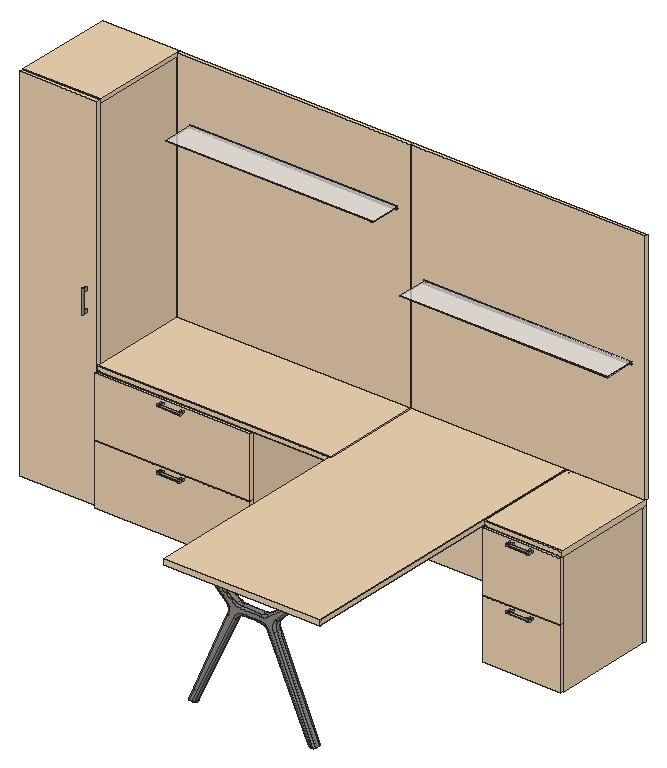
Revit family "JSI-Vision-Typical_Laminate-VST140", category Furniture, Revit 2020 (continued)
Definition of nested family "JSI-Vision-Wall_Panel_Markerboard_Laminate-Glass_Shelf"
  Forms (in)
    Extrusion 6, solid, material <- "Hardware Finish"
      sketch origin (36, 0, 0) x (0, 1, 0) y (0, 0, -1)
        loop
          line (-0.105, -32.5) -> (-0.105, -33.125) -> (-0.2, -33.125) -> (-0.2, -33.48413) -> (-0.16803, -33.48413) -> (-0.16803, -33.54438) -> (-0.2, -33.54438) -> (-0.2, -33.60913) -> (-0.16803, -33.60913) -> (-0.16803, -33.66938) -> (-0.2, -33.66938) -> (-0.2, -33.73413) -> (-0.16803, -33.73413) -> (-0.16803, -33.79438) -> (-0.2, -33.79438) -> (-0.2, -33.85913) -> (-0.16803, -33.85913) -> (-0.16803, -33.91938) -> (-0.2, -33.91938) -> (-0.2, -33.98413) -> (-0.16803, -33.98413) -> (-0.16803, -34.04438) -> (-0.2, -34.04438) -> (-0.2, -34.10913) -> (-0.16803, -34.10913) -> (-0.16803, -34.16938) -> (-0.2, -34.16938) -> (-0.2, -34.23413) -> (-0.16803, -34.23413) -> (-0.16803, -34.29438) -> (-0.2, -34.29438) -> (-0.2, -34.375) -> (-0.125, -34.375) -> (-0.125, -33.375) -> (0, -33.375) -> (0, -32.5) -> (-0.105, -32.5)
      from -22 to -17
    Extrusion 7, solid, material <- "Shelf Finish", visible <- "SH"
      sketch origin (0, 0, -12.34375) x (0, 1, 0) y (0, 0, 1)
        loop
          line (-0.18812, 62.97564) -> (-0.18812, 63.21186) -> (-7.89875, 63.21186) -> (-7.9375, 63.17249) -> (-7.9375, 63.01439) -> (-7.89875, 62.97564) -> (-0.18812, 62.97564)
      from 3.03125 to 56.96875
    Extrusion 8, solid, material <- "Hardware Finish", visible <- "SH"
      sketch origin (0, 0, -12.34375) x (0, 1, 0) y (0, 0, 1)
        loop
          line (-0.2, 64.43373) -> (-0.2, 63.96149) -> (-0.73233, 63.42916) -> (-0.99939, 63.42916) -> (-0.99939, 63.27665) -> (-0.12906, 63.27665) -> (-0.12906, 62.91085) -> (-0.99939, 62.91085) -> (-0.99939, 62.75834) -> (-0.73233, 62.75834) -> (-0.2, 62.22601) -> (-0.2, 61.75377) -> (-0.10488, 61.75377) -> (-0.10488, 62.29944) -> (-0.56378, 62.75834) -> (-0.03647, 62.75834) -> (-0.03647, 63.42916) -> (-0.56378, 63.42916) -> (-0.10488, 63.88806) -> (-0.10488, 64.43373) -> (-0.2, 64.43373)
      from 3.0625 to 56.9375
  Lines and regions (in)
    symbolic lines
      curve 1: line (0, -0.2, 0) -> (60, -0.2, 0)
      curve 2: line (0, -0.95, 0) -> (0, -0.2, 0)
      curve 3: line (60, -0.95, 0) -> (0, -0.95, 0)
      curve 4: line (60, -0.2, 0) -> (60, -0.95, 0)
      curve 8: line (1, -0.2, 0) -> (1, 0, 0)
      curve 9: line (1, 0, 0) -> (59, 0, 0)
      curve 10: line (59, 0, 0) -> (59, -0.2, 0)
    symbolic lines, visible <- "Shelf Line"
      curve 5: line (3.03125, -0.95, 0) -> (3.03125, -7.9375, 0)
      curve 6: line (3.03125, -7.9375, 0) -> (56.96875, -7.9375, 0)
      curve 7: line (56.96875, -7.9375, 0) -> (56.96875, -0.95, 0)
  Dimensions and locks (in)
    "Height": plane 5 to plane 8
    "Width": plane 3 "Center Left/Right" to plane 6
    "Depth": plane 1 "Center Front/Back" to plane 7
    plane 8 to plane 4 = 29 1/2"
    locked: plane 3 "Center Left/Right" to Extrusion 3 at 3.0625
    locked: Extrusion 3 to plane 6 at 3.0625
    locked: plane 3 "Center Left/Right" to Extrusion 2 at 3.03125
    locked: plane 6 to Extrusion 2 at 3.03125
    plane 1 "Center Front/Back" to Extrusion 4 sketch curve to Extrusion 4 sketch curve to Extrusion 4 sketch curve = 0.075" locked, 0.02" locked, 0.105" locked  (x2)
    Extrusion 5 to Extrusion 5 to Extrusion 4 to plane 3 "Center Left/Right" = 5" locked, 1" locked, 1" locked
    plane 6 to Extrusion 4 to Extrusion 6 to Extrusion 6 = 1" locked, 1" locked, 5" locked
    Extrusion 4 sketch curve to Extrusion 4 sketch curve to Extrusion 4 sketch curve to Extrusion 4 sketch curve to Extrusion 4 sketch curve to Extrusion 4 sketch curve to Extrusion 4 sketch curve to Extrusion 4 sketch curve to Extrusion 4 sketch curve to Extrusion 4 sketch curve to Extrusion 4 sketch curve to Extrusion 4 sketch curve to Extrusion 4 sketch curve to Extrusion 4 sketch curve to Extrusion 4 sketch curve to Extrusion 4 sketch curve to Extrusion 4 sketch curve to Extrusion 4 sketch curve to plane 8 = 5/8" locked, 1/4" locked, 0.10913" locked, 0.06025" locked, 0.06475" locked, 0.06025" locked, 0.06475" locked, 0.06025" locked, 0.06475" locked, 0.06025" locked, 0.06475" locked, 0.06025" locked, 0.06475" locked, 0.06025" locked, 0.06475" locked, 0.06025" locked, 0.08062" locked, 1 3/4" locked
    plane 5 to Extrusion 4 sketch curve to Extrusion 4 sketch curve to Extrusion 4 sketch curve to Extrusion 4 sketch curve to Extrusion 4 sketch curve to Extrusion 4 sketch curve to Extrusion 4 sketch curve to Extrusion 4 sketch curve to Extrusion 4 sketch curve to Extrusion 4 sketch curve to Extrusion 4 sketch curve to Extrusion 4 sketch curve to Extrusion 4 sketch curve to Extrusion 4 sketch curve to Extrusion 4 sketch curve to Extrusion 4 sketch curve to Extrusion 4 sketch curve to Extrusion 4 sketch curve = 4 1/8" locked, 5/8" locked, 1/4" locked, 0.10913" locked, 0.06025" locked, 0.06475" locked, 0.06025" locked, 0.06475" locked, 0.06025" locked, 0.06475" locked, 0.06025" locked, 0.06475" locked, 0.06025" locked, 0.06475" locked, 0.06025" locked, 0.06475" locked, 0.06025" locked, 0.08062" locked
    Extrusion 5 sketch curve to Extrusion 5 sketch curve to Extrusion 5 sketch curve to Extrusion 5 sketch curve = 0.075" locked, 0.02" locked, 0.105" locked  (x2)
    Extrusion 5 sketch curve to Extrusion 5 sketch curve to Extrusion 5 sketch curve to Extrusion 5 sketch curve to Extrusion 5 sketch curve to Extrusion 5 sketch curve to Extrusion 5 sketch curve to Extrusion 5 sketch curve to Extrusion 5 sketch curve to Extrusion 5 sketch curve to Extrusion 5 sketch curve to Extrusion 5 sketch curve to Extrusion 5 sketch curve to Extrusion 5 sketch curve to Extrusion 5 sketch curve to Extrusion 5 sketch curve to Extrusion 5 sketch curve to Extrusion 5 sketch curve to plane 5 = 5/8" locked, 1/4" locked, 0.10913" locked, 0.06025" locked, 0.06475" locked, 0.06025" locked, 0.06475" locked, 0.06025" locked, 0.06475" locked, 0.06025" locked, 0.06475" locked, 0.06025" locked, 0.06475" locked, 0.06025" locked, 0.06475" locked, 0.06025" locked, 0.08062" locked, 2 7/8" locked
    plane 8 to Extrusion 5 sketch curve to Extrusion 5 sketch curve to Extrusion 5 sketch curve to Extrusion 5 sketch curve to Extrusion 5 sketch curve to Extrusion 5 sketch curve to Extrusion 5 sketch curve to Extrusion 5 sketch curve to Extrusion 5 sketch curve to Extrusion 5 sketch curve to Extrusion 5 sketch curve to Extrusion 5 sketch curve to Extrusion 5 sketch curve to Extrusion 5 sketch curve to Extrusion 5 sketch curve to Extrusion 5 sketch curve to Extrusion 5 sketch curve to Extrusion 5 sketch curve = 3" locked, 5/8" locked, 1/4" locked, 0.10913" locked, 0.06025" locked, 0.06475" locked, 0.06025" locked, 0.06475" locked, 0.06025" locked, 0.06475" locked, 0.06025" locked, 0.06475" locked, 0.06025" locked, 0.06475" locked, 0.06025" locked, 0.06475" locked, 0.06025" locked, 0.08062" locked
    Extrusion 6 sketch curve to Extrusion 6 sketch curve to Extrusion 6 sketch curve to Extrusion 6 sketch curve = 0.075" locked, 0.02" locked, 0.105" locked  (x2)
    Extrusion 6 sketch curve to Extrusion 6 sketch curve to Extrusion 6 sketch curve to Extrusion 6 sketch curve to Extrusion 6 sketch curve to Extrusion 6 sketch curve to Extrusion 6 sketch curve to Extrusion 6 sketch curve to Extrusion 6 sketch curve to Extrusion 6 sketch curve to Extrusion 6 sketch curve to Extrusion 6 sketch curve to Extrusion 6 sketch curve to Extrusion 6 sketch curve to Extrusion 6 sketch curve to Extrusion 6 sketch curve to Extrusion 6 sketch curve to Extrusion 6 sketch curve = 0.08062" locked, 0.06025" locked, 0.06475" locked, 0.06025" locked, 0.06475" locked, 0.06025" locked, 0.06475" locked, 0.06025" locked, 0.06475" locked, 0.06025" locked, 0.06475" locked, 0.06025" locked, 0.06475" locked, 0.06025" locked, 0.10913" locked, 1/4" locked, 5/8" locked  (x2)
    "Overall Height": plane 5 to plane 4
    Extrusion 3 sketch curve to Extrusion 3 sketch curve to Extrusion 3 sketch curve to Extrusion 3 sketch curve to Extrusion 3 sketch curve to plane 9 to Extrusion 3 sketch curve to Extrusion 3 sketch curve to Extrusion 3 sketch curve to Extrusion 3 sketch curve to Extrusion 3 sketch curve = 0.47224", 0.07343", 0.4589", 0.15251", 0.1829", 0.1829", 0.15251", 0.4589", 0.07343", 0.47224"
    Extrusion 2 sketch curve to Extrusion 2 sketch curve to plane 9 to Extrusion 2 sketch curve to Extrusion 2 sketch curve = 0.03937" locked, 0.07874" locked, 0.07936" locked, 0.03875" locked
    "Dist Center": plane 10 to plane 8
    plane 5 to plane 9 = 14 5/32"
    locked: plane 3 "Center Left/Right" to Extrusion 8 at 3.0625
    locked: plane 6 to Extrusion 8 at 3.0625
    aligned and locked: level to plane 2
    aligned and locked: plane 3 "Center Left/Right" to Extrusion 1 sketch curve
    aligned and locked: plane 6 to Extrusion 1 sketch curve
    aligned and locked: Extrusion 1 to plane 6
    aligned and locked: Extrusion 1 to plane 3 "Center Left/Right"
    aligned and locked: Extrusion 1 to plane 8
    aligned and locked: Extrusion 3 sketch curve to Extrusion 3 sketch curve  (x2)
    aligned and locked: Extrusion 4 sketch curve to Extrusion 4 sketch curve  (x14)
    aligned and locked: Extrusion 5 sketch curve to Extrusion 5 sketch curve  (x14)
    aligned and locked: Extrusion 6 sketch curve to Extrusion 6 sketch curve  (x14)
    aligned and locked: curve 1 to Extrusion 1
    aligned and locked: curve 2 to Extrusion 1
    aligned and locked: curve 3 to Extrusion 1
    aligned and locked: curve 4 to Extrusion 1
    aligned and locked: Extrusion 8 sketch curve to Extrusion 8 sketch curve  (x2)
    aligned and locked: Extrusion 7 to Extrusion 2
  Automatic sketch dimensions
    plane 1 "Center Front/Back" to curve 8 = 0"
    curve 6 to plane 7 = 0"
    plane 3 "Center Left/Right" to curve 8 = 1"
    plane 3 "Center Left/Right" to curve 6 = 3 1/32"
    plane 6 to curve 6 = 3 1/32"
    plane 6 to curve 10 = 1"
    Extrusion 1 sketch curve to plane 8 = 0"
    Extrusion 1 sketch curve to plane 5 = 0"
    Extrusion 2 sketch curve to plane 7 = 0"
    plane 7 to Extrusion 2 sketch curve = 0.03875"  (x2)
    plane 1 "Center Front/Back" to Extrusion 2 sketch curve = 0.18812"
    plane 1 "Center Front/Back" to Extrusion 3 sketch curve = 0.99939"
    Extrusion 3 sketch curve to Extrusion 3 sketch curve = 0"
    Extrusion 3 sketch curve to Extrusion 3 sketch curve = 0.26706"  (x2)
    Extrusion 3 sketch curve to Extrusion 3 sketch curve = 0.16855"  (x2)
    plane 1 "Center Front/Back" to Extrusion 3 sketch curve = 0.2"  (x2)
    plane 1 "Center Front/Back" to Extrusion 3 sketch curve = 0.12906"
    Extrusion 3 sketch curve to Extrusion 3 sketch curve = 0.09512"  (x2)
    plane 1 "Center Front/Back" to Extrusion 3 sketch curve = 0.03647"
    Extrusion 4 sketch curve to plane 1 "Center Front/Back" = 0"  (x2)
    plane 1 "Center Front/Back" to Extrusion 4 sketch curve = 0.03197"  (x14)
    Extrusion 5 sketch curve to plane 1 "Center Front/Back" = 0"  (x2)
    Extrusion 5 sketch curve to Extrusion 5 sketch curve = 0.03197"  (x14)
    Extrusion 6 sketch curve to plane 1 "Center Front/Back" = 0"  (x2)
    Extrusion 6 sketch curve to Extrusion 6 sketch curve = 0.03197"  (x14)
    Extrusion 6 sketch curve to plane 5 = 2 7/8"
    plane 8 to Extrusion 6 sketch curve = 4 7/8"
    Extrusion 7 sketch curve to plane 7 = 0"
    plane 7 to Extrusion 7 sketch curve = 0.03875"  (x2)
    plane 1 "Center Front/Back" to Extrusion 7 sketch curve = 0.18812"
    Extrusion 7 sketch curve to plane 10 = 0.11811"
    Extrusion 7 sketch curve to Extrusion 7 sketch curve = 0.03875"
    plane 10 to Extrusion 7 sketch curve = 0.07874"
    plane 10 to Extrusion 7 sketch curve = 0.11811"
    plane 10 to Extrusion 8 sketch curve = 0.1829"
    plane 1 "Center Front/Back" to Extrusion 8 sketch curve = 0.99939"
    Extrusion 8 sketch curve to plane 10 = 0.1829"
    Extrusion 8 sketch curve to Extrusion 8 sketch curve = 0"
    Extrusion 8 sketch curve to Extrusion 8 sketch curve = 0.26706"  (x2)
    Extrusion 8 sketch curve to Extrusion 8 sketch curve = 0.16855"  (x2)
    plane 1 "Center Front/Back" to Extrusion 8 sketch curve = 0.2"  (x2)
    plane 1 "Center Front/Back" to Extrusion 8 sketch curve = 0.12906"
    Extrusion 8 sketch curve to Extrusion 8 sketch curve = 0.09512"  (x2)
    plane 1 "Center Front/Back" to Extrusion 8 sketch curve = 0.03647"
    Extrusion 8 sketch curve to Extrusion 8 sketch curve = 0.15251"  (x2)
    Extrusion 8 sketch curve to Extrusion 8 sketch curve = 0.4589"  (x2)
    Extrusion 8 sketch curve to Extrusion 8 sketch curve = 0.07343"  (x2)
    Extrusion 8 sketch curve to Extrusion 8 sketch curve = 0.47224"  (x2)
Definition of nested family "JSI-Vision-Wood_Truss_Base"
  Parameters (values of type "VSV3028PXB - Wood Truss Base 29 1/2"W x 1 3/4"D x 28 5/16"H")
    Width = 29 1/2"
    URL = "www.jsifurniture.com"
    Type Comments = ""
    Support Finish = none
    Series = "Vision Casegoods"  # constant formula
    Model = "VSV3028PXB"
    Material = ""
    Manufacturer = "JSI"  # constant formula
    Keynote = "12500"  # constant formula
    JSI Enviromental Website = "http://www.jsifurniture.com/jsi_sustainability_intro.php"
    Height = 28 5/16"
    Glide Finish = none
    Description = "Wood Truss Base Veneer - 29 1/2\"W x 1 3/4\"D x 28 5/16\"H"
    Depth = 1 3/4"
    Default Elevation = 0"
    Base Finish = none
    Assembly Code = "E2020200"
  Types (2): name | Model | Description
    VSV3028PXB - Wood Truss Base 29 1/2"W x 1 3/4"D x 28 5/16"H | "VSV3028PXB" | "Wood Truss Base Veneer - 29 1/2\"W x 1 3/4\"D x 28 5/16\"H"
    VST3028PXB - Wood Truss Base 29 1/2"W x 1 3/4"D x 28 5/16"H | "VST3028PXB" | "Wood Truss Base Laminate - 29 1/2\"W x 1 3/4\"D x 28 5/16\"H"
  Reference planes (in)
    plane 1 "Center Front/Back": y = 0
    plane 2: z = 0
    plane 3 "Center Left/Right": x = 0
    plane 4: z = 28.3125
    plane 5: y = 14.75
    plane 6: y = -14.75
    plane 7: x = 0.875
    plane 8: x = -0.875
    plane 9: x = -4.125
    plane 10: x = 1.875
    plane 11: z = 28.15375
    plane 12: z = 0.379
    plane 13: y = 13.64496
    plane 14: y = -13.64497
  Forms (in)
    Extrusion 1, solid, material <- "Support Finish"
      sketch origin (0, 0, 0) x (1, 0, 0) y (0, 1, 0)
        loop
          line (1.625, 11.49999) -> (-3.875, 11.49999)
          arc (-3.875, 11.49999) -> (-4.05178, 11.42677) -> (-4.125, 11.24999) r 0.25
          line (-4.125, 11.24999) -> (-4.125, 5.74999)
          arc (-4.125, 5.74999) -> (-4.05178, 5.57321) -> (-3.875, 5.49999) r 0.25
          line (-3.875, 5.49999) -> (1.625, 5.49999)
          arc (1.625, 5.49999) -> (1.80178, 5.57321) -> (1.875, 5.74999) r 0.25
          line (1.875, 5.74999) -> (1.875, 11.24999)
          arc (1.875, 11.24999) -> (1.80178, 11.42677) -> (1.625, 11.49999) r 0.25
        loop
          line (1.625, -5.50001) -> (-3.875, -5.50001)
          arc (-3.875, -5.50001) -> (-4.05178, -5.57323) -> (-4.125, -5.75001) r 0.25
          line (-4.125, -5.75001) -> (-4.125, -11.25001)
          arc (-4.125, -11.25001) -> (-4.05178, -11.42679) -> (-3.875, -11.50001) r 0.25
          line (-3.875, -11.50001) -> (1.625, -11.50001)
          arc (1.625, -11.50001) -> (1.80178, -11.42679) -> (1.875, -11.25001) r 0.25
          line (1.875, -11.25001) -> (1.875, -5.75001)
          arc (1.875, -5.75001) -> (1.80178, -5.57323) -> (1.625, -5.50001) r 0.25
      from 28.15375 to 28.3125
    Sweep 2, solid, material <- "Base Finish"
      path origin (0, 0, 0) x (0, 1, 0) y (0, 0, 1)
        loop
          line (10.74999, 28.15375) -> (5.99074, 23.5578)
          arc (5.99074, 23.5578) -> (5.41849, 22.5093) -> (5.54594, 21.32162) r 2
          line (5.54594, 21.32162) -> (14.65205, 0.379)
      profile origin (0, 8.37037, 25.85577) x (0, 0.694658, -0.71934) y (1, 0, 0)
        loop
          line (0, -0.5) -> (0, 0.5)
          arc (0, 0.5) -> (-0.10983, 0.76517) -> (-0.375, 0.875) r 0.375
          line (-0.375, 0.875) -> (-0.5, 0.875) -> (-0.5, -0.875) -> (-0.375, -0.875)
          arc (-0.375, -0.875) -> (-0.10983, -0.76517) -> (0, -0.5) r 0.375
    Sweep 3, solid, material <- "Base Finish"
      path origin (0, 0, 0) x (0, 1, 0) y (0, 0, 1)
        loop
          line (13.32169, 0) -> (3.64627, 20.74899)
          arc (3.64627, 20.74899) -> (2.90826, 21.59053) -> (1.83366, 21.90375) r 2
          line (1.83366, 21.90375) -> (-1.83368, 21.90375)
          arc (-1.83368, 21.90375) -> (-2.90828, 21.59053) -> (-3.64629, 20.74899) r 2
          line (-3.64629, 20.74899) -> (-13.3217, 0)
      profile origin (0, -0.00001, 21.90375) x (0, 0, -1) y (1, 0, 0)
        loop
          arc (0, 0.5) -> (-0.10983, 0.76517) -> (-0.375, 0.875) r 0.375
          line (-0.375, 0.875) -> (-0.5, 0.875) -> (-0.5, -0.87401) -> (-0.375, -0.87401)
          arc (-0.375, -0.87401) -> (-0.10983, -0.76418) -> (0, -0.49901) r 0.375
          line (0, -0.49901) -> (0, 0.5)
    Sweep 4, solid, material <- "Base Finish"
      path origin (0, 0, 0) x (0, 1, 0) y (0, 0, 1)
        loop
          line (8.49999, 28.15375) -> (8.49999, 27.99099)
          arc (8.49999, 27.99099) -> (8.41825, 27.65049) -> (8.19083, 27.38422) r 0.75
          line (8.19083, 27.38422) -> (3.582, 24.03572)
          arc (3.582, 24.03572) -> (3.02447, 23.75164) -> (2.40643, 23.65375) r 2
          line (2.40643, 23.65375) -> (-2.40645, 23.65375)
          arc (-2.40645, 23.65375) -> (-3.02448, 23.75164) -> (-3.58202, 24.03572) r 2
          line (-3.58202, 24.03572) -> (-8.19085, 27.38422)
          arc (-8.19085, 27.38422) -> (-8.41826, 27.65049) -> (-8.50001, 27.99099) r 0.75
          line (-8.50001, 27.99099) -> (-8.50001, 28.15375)
      profile origin (0, -0.00001, 23.65375) x (0, 0, -1) y (1, 0, 0)
        loop
          line (0, 0.5) -> (0, -0.5)
          arc (0, -0.5) -> (0.10983, -0.76517) -> (0.375, -0.875) r 0.375
          line (0.375, -0.875) -> (0.5, -0.875) -> (0.5, 0.875) -> (0.375, 0.875)
          arc (0.375, 0.875) -> (0.10983, 0.76517) -> (0, 0.5) r 0.375
    Extrusion 5, void
      sketch origin (0, 0, 0) x (0, 1, 0) y (0, 0, 1)
        loop
          line (11.75, 28.65375) -> (-11.75, 28.65375) -> (-11.75, 28.15375) -> (11.75, 28.15375) -> (11.75, 28.65375)
        loop
          line (14.75, 0) -> (14.75, 0.379) -> (-14.75, 0.379) -> (-14.75, 0) -> (14.75, 0)
      from -14.53185 to 21.875
    Sweep 6, solid, material <- "Base Finish"
      path origin (0, 0, 0) x (0, -1, 0) y (0, 0, -1)
        loop
          line (10.74999, -28.15375) -> (5.99074, -23.5578)
          arc (5.99074, -23.5578) -> (5.41849, -22.5093) -> (5.54594, -21.32162) r 2
          line (5.54594, -21.32162) -> (14.65205, -0.379)
      profile origin (0, -8.37037, 25.85577) x (0, 0.694658, 0.71934) y (1, 0, 0)
        loop
          arc (0, -0.5) -> (0.10983, -0.76517) -> (0.375, -0.875) r 0.375
          line (0.375, -0.875) -> (0.5, -0.875) -> (0.5, 0.875) -> (0.375, 0.875)
          arc (0.375, 0.875) -> (0.10983, 0.76517) -> (0, 0.5) r 0.375
          line (0, 0.5) -> (0, -0.5)
    Extrusion 7, solid, material <- "Base Finish"
      sketch origin (0, 0, 0) x (0, 1, 0) y (0, 0, 1)
        loop
          line (10.03021, 28.15375) -> (8.99999, 28.15375) -> (8.99999, 27.99099)
          arc (8.99999, 27.99099) -> (8.86375, 27.4235) -> (8.48472, 26.97972) r 1.25
          line (8.48472, 26.97972) -> (3.8759, 23.63121)
          arc (3.8759, 23.63121) -> (3.17898, 23.27611) -> (2.40643, 23.15375) r 2.5
          line (2.40643, 23.15375) -> (-2.40645, 23.15375)
          arc (-2.40645, 23.15375) -> (-3.17899, 23.27611) -> (-3.87591, 23.63121) r 2.5
          line (-3.87591, 23.63121) -> (-8.48474, 26.97972)
          arc (-8.48474, 26.97972) -> (-8.86377, 27.4235) -> (-9.00001, 27.99099) r 1.25
          line (-9.00001, 27.99099) -> (-9.00001, 28.15375) -> (-10.03021, 28.15375) -> (-5.64341, 23.91747)
          arc (-5.64341, 23.91747) -> (-4.9281, 22.60684) -> (-5.08741, 21.12225) r 2.5
          line (-5.08741, 21.12225) -> (-14.10683, 0.379) -> (-13.69666, 0.379) -> (-4.09945, 20.9603)
          arc (-4.09945, 20.9603) -> (-3.17693, 22.01223) -> (-1.83368, 22.40375) r 2.5
          line (-1.83368, 22.40375) -> (1.83366, 22.40375)
          arc (1.83366, 22.40375) -> (3.17691, 22.01223) -> (4.09943, 20.9603) r 2.5
          line (4.09943, 20.9603) -> (13.69664, 0.379) -> (14.10683, 0.379) -> (5.08741, 21.12225)
          arc (5.08741, 21.12225) -> (4.9281, 22.60684) -> (5.64341, 23.91747) r 2.5
          line (5.64341, 23.91747) -> (10.03021, 28.15375)
      from -0.875 to 0.875
    Revolve 8, solid, material <- "Glide Finish"
      sketch origin (0, 0, 0) x (0, 1, 0) y (0, 0, 1)
        loop
          line (13.64496, 0.379) -> (13.64496, 0) -> (14.14496, 0)
          arc (14.14496, 0) -> (14.25124, 0.10628) -> (14.14496, 0.21256) r 0.10628
          line (14.14496, 0.21256) -> (14.03641, 0.21256)
          arc (14.03641, 0.21256) -> (14.11962, 0.29578) -> (14.03641, 0.379) r 0.08322
          line (14.03641, 0.379) -> (13.64496, 0.379)
        axis (13.64496, 0.379) -> (13.64496, 0)
      angle from 0 to 360
    Revolve 9, solid, material <- "Glide Finish"
      sketch origin (0, 0, 0) x (0, 1, 0) y (0, 0, 1)
        loop
          line (-13.64497, 0.379) -> (-13.64497, 0) -> (-13.14497, 0)
          arc (-13.14497, 0) -> (-13.03869, 0.10628) -> (-13.14497, 0.21256) r 0.10628
          line (-13.14497, 0.21256) -> (-13.25352, 0.21256)
          arc (-13.25352, 0.21256) -> (-13.1703, 0.29578) -> (-13.25352, 0.379) r 0.08322
          line (-13.25352, 0.379) -> (-13.64497, 0.379)
        axis (-13.64497, 0.379) -> (-13.64497, 0)
      angle from 0 to 360
  Cuts and joins
    Extrusion 5 cuts Sweep 2
    Extrusion 5 cuts Sweep 3
    Extrusion 5 cuts Sweep 6
    joined: Sweep 2, Sweep 3, Sweep 4, Sweep 6, Extrusion 7
  Lines and regions (in)
    symbolic lines
      curve 1: line (1.625, 11.49999, 0) -> (-3.875, 11.49999, 0)
      curve 2: arc (-3.875, 11.49999, 0) -> (-4.05178, 11.42677, 0) -> (-4.125, 11.24999, 0) r 0.25
      curve 3: line (-4.125, 11.24999, 0) -> (-4.125, 5.74999, 0)
      curve 4: arc (-4.125, 5.74999, 0) -> (-4.05178, 5.57321, 0) -> (-3.875, 5.49999, 0) r 0.25
      curve 5: line (-3.875, 5.49999, 0) -> (1.625, 5.49999, 0)
      curve 6: arc (1.625, 5.49999, 0) -> (1.80178, 5.57321, 0) -> (1.875, 5.74999, 0) r 0.25
      curve 7: line (1.875, 5.74999, 0) -> (1.875, 11.24999, 0)
      curve 8: arc (1.875, 11.24999, 0) -> (1.80178, 11.42677, 0) -> (1.625, 11.49999, 0) r 0.25
      curve 9: line (1.625, -5.50001, 0) -> (-3.875, -5.50001, 0)
      curve 10: arc (-3.875, -5.50001, 0) -> (-4.05178, -5.57323, 0) -> (-4.125, -5.75001, 0) r 0.25
      curve 11: line (-4.125, -5.75001, 0) -> (-4.125, -11.25001, 0)
      curve 12: arc (-4.125, -11.25001, 0) -> (-4.05178, -11.42679, 0) -> (-3.875, -11.50001, 0) r 0.25
      curve 13: line (-3.875, -11.50001, 0) -> (1.625, -11.50001, 0)
      curve 14: arc (1.625, -11.50001, 0) -> (1.80178, -11.42679, 0) -> (1.875, -11.25001, 0) r 0.25
      curve 15: line (1.875, -11.25001, 0) -> (1.875, -5.75001, 0)
      curve 16: arc (1.875, -5.75001, 0) -> (1.80178, -5.57323, 0) -> (1.625, -5.50001, 0) r 0.25
      curve 17: line (0.52301, 14.65205, 0) -> (-0.52301, 14.65205, 0)
      curve 18: arc (-0.87318, 14.24322, 0) -> (-0.77902, 14.51695, 0) -> (-0.52301, 14.65205, 0) r 0.39323
      curve 19: arc (0.52301, 14.65205, 0) -> (0.77902, 14.51695, 0) -> (0.87318, 14.24322, 0) r 0.39323
      curve 20: line (0.87318, 14.24322, 0) -> (0.87318, 11.49999, 0)
      curve 21: line (-0.87318, 14.24322, 0) -> (-0.87318, 11.49999, 0)
      curve 22: line (-0.875, -11.50001, 0) -> (-0.875, -14.24313, 0)
      curve 23: arc (-0.52301, -14.65205, 0) -> (-0.77902, -14.51695, 0) -> (-0.87318, -14.24322, 0) r 0.39323
      curve 24: arc (0.87318, -14.24313, 0) -> (0.77904, -14.51691, 0) -> (0.52301, -14.65205, 0) r 0.39323
      curve 25: line (0.52301, -14.65205, 0) -> (-0.52301, -14.65205, 0)
      curve 26: line (-0.875, -5.50001, 0) -> (-0.875, 5.49999, 0)
      curve 27: line (0.875, 5.49999, 0) -> (0.875, -5.50001, 0)
  Dimensions and locks (in)
    "Height": plane 2 to plane 4
    equal spacing: plane 5, plane 1 "Center Front/Back", plane 6
    "Width": plane 5 to plane 6
    equal spacing: plane 8, plane 3 "Center Left/Right", plane 7
    "Depth": plane 8 to plane 7
    locked: plane 9 to plane 10 at 6
    Extrusion 1 sketch curve to Extrusion 1 sketch curve to plane 1 "Center Front/Back" to Extrusion 1 sketch curve to Extrusion 1 sketch curve = 6" locked, 5 1/2" locked, 5 1/2" locked, 6" locked
    locked: plane 11 to plane 4 at 0.15875
    locked: plane 2 to plane 12 at 0.379
    equal spacing: Extrusion 5 sketch curve, plane 1 "Center Front/Back", Extrusion 5 sketch curve, locked at 11.75 each
    locked: plane 11 to Extrusion 5 sketch curve at 0.5
    locked: profile plane to Sweep 4 sketch curve at 0.5
    locked: plane 14 to plane 6 at 1.10503
    locked: plane 5 to plane 13 at 1.10504
    aligned and locked: level to plane 2
    aligned and locked: plane 9 to Extrusion 1 sketch curve  (x2)
    aligned and locked: Extrusion 1 sketch curve to plane 10  (x2)
    aligned and locked: Extrusion 1 to plane 4
    aligned and locked: plane 11 to Extrusion 1
    aligned and locked: plane 11 to Sweep 4 sketch curve  (x2)
    aligned and locked: plane 2 to Sweep 3 sketch curve  (x2)
    aligned and locked: Extrusion 5 sketch curve to plane 12
    aligned and locked: Extrusion 5 sketch curve to plane 2
    aligned and locked: plane 5 to Extrusion 5 sketch curve
    aligned and locked: Extrusion 5 sketch curve to plane 6
    aligned and locked: Extrusion 5 sketch curve to plane 11
    aligned and locked: plane 8 to Sweep 4 sketch curve
    aligned and locked: Sweep 4 sketch curve to plane 7
    aligned and locked: Sweep 2 sketch curve to plane 8
    aligned and locked: Extrusion 7 sketch curve to cut or joined group of Sweep 2, Sweep 3, Sweep 4, Extrusion 5, Sweep 6, Extrusion 7  (x3)
    aligned and locked: Extrusion 7 sketch curve to Sweep 4  (x5)
    aligned and locked: cut or joined group of Sweep 2, Sweep 3, Sweep 4, Extrusion 5, Sweep 6, Extrusion 7 to Extrusion 7 sketch curve
    aligned and locked: Sweep 4 to Extrusion 7 sketch curve
    aligned and locked: Extrusion 7 to plane 8
    aligned and locked: Extrusion 7 to plane 7
    aligned and locked: plane 13 to Revolve 8 sketch curve
    aligned and locked: Revolve 8 sketch curve to plane 13
    aligned and locked: plane 12 to Revolve 8 sketch curve
    aligned and locked: plane 2 to Revolve 8 sketch curve
    aligned and locked: plane 14 to Revolve 9 sketch curve
    aligned and locked: curve 2 to Extrusion 1
    aligned and locked: curve 4 to Extrusion 1
    aligned and locked: curve 6 to Extrusion 1
    aligned and locked: curve 8 to Extrusion 1
    aligned and locked: curve 10 to Extrusion 1
    aligned and locked: curve 12 to Extrusion 1
    aligned and locked: curve 14 to Extrusion 1
    aligned and locked: curve 16 to Extrusion 1
    aligned and locked: curve 17 to cut or joined group of Sweep 2, Sweep 3, Sweep 4, Extrusion 5, Sweep 6, Extrusion 7
    aligned and locked: curve 18 to cut or joined group of Sweep 2, Sweep 3, Sweep 4, Extrusion 5, Sweep 6, Extrusion 7
    aligned and locked: curve 19 to cut or joined group of Sweep 2, Sweep 3, Sweep 4, Extrusion 5, Sweep 6, Extrusion 7
    aligned and locked: curve 20 to cut or joined group of Sweep 2, Sweep 3, Sweep 4, Extrusion 5, Sweep 6, Extrusion 7
    aligned and locked: curve 21 to cut or joined group of Sweep 2, Sweep 3, Sweep 4, Extrusion 5, Sweep 6, Extrusion 7
    aligned and locked: curve 23 to cut or joined group of Sweep 2, Sweep 3, Sweep 4, Extrusion 5, Sweep 6, Extrusion 7
    aligned and locked: curve 24 to cut or joined group of Sweep 2, Sweep 3, Sweep 4, Extrusion 5, Sweep 6, Extrusion 7
    aligned and locked: curve 25 to cut or joined group of Sweep 2, Sweep 3, Sweep 4, Extrusion 5, Sweep 6, Extrusion 7
    aligned and locked: plane 8 to curve 26
    aligned and locked: plane 7 to curve 27
  Automatic sketch dimensions
    Extrusion 1 sketch curve to plane 9 = 1/4"
    Extrusion 1 sketch curve to Extrusion 1 sketch curve = 1/4"  (x4)
    plane 10 to Extrusion 1 sketch curve = 1/4"  (x3)
    plane 11 to Sweep 2 sketch curve = 0"
    plane 12 to Sweep 2 sketch curve = 0"
    Sweep 2 sketch curve to plane 1 "Center Front/Back" = 5.54594"
    plane 11 to Sweep 2 sketch curve = 4.59595"
    Sweep 2 sketch curve to Sweep 2 sketch curve = 0.4448"
    Sweep 2 sketch curve to Sweep 2 sketch curve = 1.83412"
    Sweep 2 sketch curve to Sweep 2 sketch curve = 2.23618"
    Sweep 2 sketch curve to plane 5 = 4"
    Sweep 2 sketch curve to plane 5 = 0.09795"
    Sweep 2 sketch curve to profile plane = 0"
    profile plane to Sweep 2 sketch curve = 3/8"  (x2)
    Sweep 2 sketch curve to Sweep 2 sketch curve = 1/8"
    profile plane to Sweep 2 sketch curve = 1/2"
    plane 1 "Center Front/Back" to Sweep 3 sketch curve = 3.64629"
    plane 1 "Center Front/Back" to Sweep 3 sketch curve = 1.83368"
    Sweep 3 sketch curve to plane 1 "Center Front/Back" = 1.83366"
    Sweep 3 sketch curve to Sweep 3 sketch curve = 1.81262"
    plane 11 to Sweep 3 sketch curve = 8 1/4"
    Sweep 3 sketch curve to Sweep 3 sketch curve = 0"
    Sweep 3 sketch curve to Sweep 3 sketch curve = 0.84524"
    plane 6 to Sweep 3 sketch curve = 1.4283"
    Sweep 3 sketch curve to plane 5 = 1.42831"
    Sweep 3 sketch curve to profile plane = 0"
    profile plane to Sweep 3 sketch curve = 3/8"  (x2)
    Sweep 3 sketch curve to Sweep 3 sketch curve = 1/8"
    Sweep 3 sketch curve to profile plane = 0.87401"
    profile plane to Sweep 3 sketch curve = 1/2"
    plane 11 to Sweep 4 sketch curve = 0.16276"  (x2)
    plane 6 to Sweep 4 sketch curve = 6 1/4"
    plane 11 to Sweep 4 sketch curve = 197/256"  (x2)
    Sweep 4 sketch curve to Sweep 4 sketch curve = 0.30916"
    plane 1 "Center Front/Back" to Sweep 4 sketch curve = 3 149/256"
    Sweep 4 sketch curve to Sweep 4 sketch curve = 1.17557"  (x2)
    Sweep 4 sketch curve to plane 1 "Center Front/Back" = 2.40643"
    Sweep 4 sketch curve to Sweep 4 sketch curve = 4 43/256"
    Sweep 4 sketch curve to Sweep 4 sketch curve = 0.44084"
    Sweep 4 sketch curve to Sweep 4 sketch curve = 0.38197"  (x2)
    Sweep 4 sketch curve to profile plane = 0"
    Sweep 4 sketch curve to Sweep 4 sketch curve = 1/8"
    Sweep 4 sketch curve to Sweep 4 sketch curve = 3/8"
    plane 6 to Extrusion 5 sketch curve = 3"
    plane 11 to Sweep 6 sketch curve = 0"
    plane 12 to Sweep 6 sketch curve = 0"
    plane 1 "Center Front/Back" to Sweep 6 sketch curve = 5.54594"
    plane 11 to Sweep 6 sketch curve = 4.59595"
    Sweep 6 sketch curve to Sweep 6 sketch curve = 0.4448"
    Sweep 6 sketch curve to Sweep 6 sketch curve = 1.83412"
    Sweep 6 sketch curve to Sweep 6 sketch curve = 1.43868"
    plane 6 to Sweep 6 sketch curve = 4"
    plane 6 to Sweep 6 sketch curve = 0.09795"
    Sweep 6 sketch curve to profile plane = 0"
    Sweep 6 sketch curve to Sweep 6 sketch curve = 3/8"
    Sweep 6 sketch curve to profile plane = 3/8"
    Sweep 6 sketch curve to Sweep 6 sketch curve = 1/8"
    Sweep 6 sketch curve to profile plane = 7/8"
    profile plane to Sweep 6 sketch curve = 1/2"
    Extrusion 7 sketch curve to Extrusion 7 sketch curve = 105/256"
    plane 11 to Extrusion 7 sketch curve = 1.17403"  (x2)
    plane 11 to Extrusion 7 sketch curve = 4.23628"  (x2)
    Extrusion 7 sketch curve to Extrusion 7 sketch curve = 2.29265"
    Extrusion 7 sketch curve to Extrusion 7 sketch curve = 0.98796"
    Extrusion 7 sketch curve to Extrusion 7 sketch curve = 1.46946"  (x2)
    Extrusion 7 sketch curve to Extrusion 7 sketch curve = 2.26577"
    Extrusion 7 sketch curve to Extrusion 7 sketch curve = 0.98798"
    Extrusion 7 sketch curve to Extrusion 7 sketch curve = 0.41018"
    Extrusion 7 sketch curve to Extrusion 7 sketch curve = 1.0302"
    plane 12 to Extrusion 7 sketch curve = 0"
    plane 1 "Center Front/Back" to Extrusion 7 sketch curve = 1.83368"
    Extrusion 7 sketch curve to plane 1 "Center Front/Back" = 1.83366"
    Extrusion 7 sketch curve to plane 5 = 1.05336"
    Extrusion 7 sketch curve to Extrusion 7 sketch curve = 3 1/4"  (x2)
    Extrusion 7 sketch curve to Extrusion 7 sketch curve = 0.16195"
    plane 6 to Extrusion 7 sketch curve = 1.05334"
    Extrusion 7 sketch curve to Extrusion 7 sketch curve = 3.50415"
    Extrusion 7 sketch curve to Extrusion 7 sketch curve = 1.7675"
    Extrusion 7 sketch curve to Extrusion 7 sketch curve = 1.05655"
    Revolve 8 sketch curve to Revolve 8 sketch curve = 0.39145"
    Revolve 8 sketch curve to Revolve 8 sketch curve = 0.10855"
    Revolve 8 sketch curve to Revolve 8 sketch curve = 0.10628"
    Revolve 8 sketch curve to level = 0.18322"
    Revolve 8 sketch curve to plane 12 = 0.06296"
    plane 12 to Revolve 9 sketch curve = 0"
    Revolve 9 sketch curve to plane 14 = 0"
    Revolve 9 sketch curve to level = 0"
    Revolve 9 sketch curve to Revolve 9 sketch curve = 0.39145"
    Revolve 9 sketch curve to Revolve 9 sketch curve = 0.10855"
    Revolve 9 sketch curve to Revolve 9 sketch curve = 0.10628"
    Revolve 9 sketch curve to level = 0.15557"
    Revolve 9 sketch curve to Revolve 9 sketch curve = 0.0413"
    plane 11 to Sweep 4 sketch curve = 2 1/2"
    curve 22 to plane 8 = 0"
    plane 8 to curve 23 = 0.00182"
    plane 7 to curve 24 = 0.00182"
    curve 23 to curve 22 = 0.00008"
Definition of nested family "JSI-Vision-Modular_File_File_Pedestal"
  Parameters (values of type "Modular FF Ped - Type Catalog Family")
    URL = "www.jsifurniture.com"
    Tag = "FF"
    Series = "Vision Casegoods"  # constant formula
    Pull Finish = none
    Ped Width = 18"
    Ped Height = 28"
    Model = "Type Catalog"
    Manufacturer = "JSI"  # constant formula
    Keynote = "12500"  # constant formula
    JSI Enviromental website = "http://www.jsifurniture.com/jsi_sustainability_intro.php"
    Description = "Type Catalog"
    Default Elevation = 0"
    Chassis = none
    Ped Depth = 20"
    Grommet Finish = none
    Drawer Front = none
    Assembly Code = "E2020200"
  Reference planes (in)
    plane 1 "Center Front/Back": y = 0
    plane 2: z = 0
    plane 3 "Center Left/Right": x = 0
    plane 4: x = 0.125
    plane 5: x = 18.125
    plane 6: x = 18.25
    plane 7: y = -18.9795
    plane 8: y = -0.1875
    plane 9: y = -19.1095
    plane 10: x = 0.18716
    plane 11: x = 18.06243
    plane 12: y = -19.8595
    plane 13: z = 0.14065
    plane 14: z = 13.95315
    plane 15: z = 14.07815
    plane 16: z = 27.89093
    plane 17: z = 28
    plane 18: x = 0.875
    plane 19: x = 17.376
    plane 20: y = -0.9375
    plane 21: y = -18.23863
    plane 22: z = 13.20333
    plane 23: z = 27.14093
    plane 24: x = 9.125
    plane 25: y = -20
    plane 26: y = -9.80266
    plane 27: y = -14.80266
    plane 28: z = 27.1875
  Forms (in)
    Extrusion 1, solid, material <- "Chassis"
      sketch origin (0.125, -0.1875, 48) x (0, 1, 0) y (0, 0, 1)
        loop
          line (0, -20) -> (-18.792, -20) -> (-18.792, -48) -> (0, -48) -> (0, -20)
      from 0 to 0.75
    Extrusion 2, solid, material <- "Chassis"
      sketch origin (18.125, -0.1875, 48) x (0, 1, 0) y (0, 0, 1)
        loop
          line (0, -20) -> (-18.792, -20) -> (-18.792, -48) -> (0, -48) -> (0, -20)
      from -0.749 to 0
    Extrusion 3, solid, material <- "Drawer Front"
      sketch origin (0, 0, 0) x (1, 0, 0) y (0, 0, 1)
        loop
          line (0.18716, 27.89093) -> (0.18716, 14.07815) -> (18.06243, 14.07815) -> (18.06243, 27.89093) -> (0.18716, 27.89093)
        loop
          line (0.18716, 13.95315) -> (0.18716, 0.14065) -> (18.06243, 0.14065) -> (18.06243, 13.95315) -> (0.18716, 13.95315)
      from 19.1095 to 19.8595
    Extrusion 4, solid, material <- "Chassis"
      sketch origin (0, 0, 0) x (1, 0, 0) y (0, 1, 0)
        loop
          line (0.875, -18.23863) -> (0.875, -18.9795) -> (17.376, -18.9795) -> (17.376, -18.23863) -> (0.875, -18.23863)
      from 0 to 1.9375
    Extrusion 5, solid, material <- "Chassis"
      sketch origin (0, 0, 0) x (0, 1, 0) y (0, 0, 1)
        loop
          line (-9.80266, 27.1875) -> (-9.80266, 27.89093) -> (-14.80266, 27.89093) -> (-14.80266, 27.1875) -> (-9.80266, 27.1875)
      from 0.875 to 17.376
    Extrusion 6, solid, material <- "Chassis"
      sketch origin (0, 0, 0) x (0, 1, 0) y (0, 0, 1)
        loop
          line (-0.9375, 23) -> (-0.1875, 23) -> (-0.1875, 28) -> (-0.9375, 28) -> (-0.9375, 23)
        loop
          line (-0.1875, 5) -> (-0.9375, 5) -> (-0.9375, 0) -> (-0.1875, 0) -> (-0.1875, 5)
      from 0.875 to 17.376
  Lines and regions (in)
    symbolic lines
      curve 1: line (0.125, -18.9795, 0) -> (0.125, -0.1875, 0)
      curve 2: line (18.125, -0.1875, 0) -> (18.125, -18.9795, 0)
      curve 3: line (0.18716, -19.1095, 0) -> (18.06243, -19.1095, 0)
      curve 4: line (0.18716, -19.8595, 0) -> (0.18716, -19.1095, 0)
      curve 5: line (18.06243, -19.8595, 0) -> (0.18716, -19.8595, 0)
      curve 6: line (18.06243, -19.1095, 0) -> (18.06243, -19.8595, 0)
      curve 7: line (0.875, -0.1875, 0) -> (0.875, -18.9795, 0)
      curve 8: line (0.125, -18.9795, 0) -> (0.875, -18.9795, 0)
      curve 9: line (17.376, -0.1875, 0) -> (17.376, -18.9795, 0)
      curve 10: line (17.376, -18.9795, 0) -> (18.125, -18.9795, 0)
      curve 11: line (18.125, -0.1875, 0) -> (17.376, -0.1875, 0)
      curve 12: line (0.875, -0.1875, 0) -> (0.125, -0.1875, 0)
      curve 13: line (0.875, -0.9375, 0) -> (17.376, -0.9375, 0)
      curve 14: line (17.376, -0.1875, 0) -> (0.875, -0.1875, 0)
  Dimensions and locks (in)
    plane 3 "Center Left/Right" to plane 4 = 1/8"
    locked: plane 5 to plane 6 at 0.125
    "Ped Width": plane 4 to plane 5
    locked: plane 1 "Center Front/Back" to plane 8 at 0.1875
    "Ped Height": plane 17 to level
    locked: plane 8 to plane 20 at 0.75
    plane 21 to plane 7 to plane 9 to plane 12 = 0.74087" locked, 0.13" locked, 3/4" locked
    plane 4 to plane 10 to plane 18 = 0.06216" locked, 0.68784" locked
    plane 19 to plane 11 to plane 5 = 0.68644" locked, 0.06257" locked
    plane 3 "Center Left/Right" to plane 24 to plane 6 = 9 1/8", 9 1/8"
    "Ped Depth": plane 25 to plane 1 "Center Front/Back"
    locked: plane 12 to plane 25 at 0.1405
    plane 26 to plane 27 to plane 25 = 5" locked, 5.19734" locked
    plane 17 to plane 16 to plane 15 to plane 14 to plane 13 to plane 2 = 0.10907", 13.81278", 1/8", 13 13/16", 0.14065"
    plane 23 to plane 22 to plane 2 = 13.93759" locked, 13.20333" locked
    locked: plane 2 to Extrusion 6 sketch curve at 5
    locked: plane 17 to Extrusion 6 sketch curve at 5
    equal spacing: plane 3 "Center Left/Right", plane 24, plane 6
    aligned and locked: level to plane 2
    aligned and locked: Extrusion 1 sketch curve to plane 7
    aligned and locked: Extrusion 1 sketch curve to level
    aligned and locked: Extrusion 2 sketch curve to plane 17
    aligned and locked: level to Extrusion 2 sketch curve
    aligned and locked: plane 7 to Extrusion 2 sketch curve
    aligned and locked: Extrusion 3 sketch curve to plane 16
    aligned and locked: Extrusion 3 sketch curve to plane 10  (x2)
    aligned and locked: plane 11 to Extrusion 3 sketch curve  (x2)
    aligned and locked: plane 15 to Extrusion 3 sketch curve
    aligned and locked: Extrusion 3 sketch curve to plane 14
    aligned and locked: plane 13 to Extrusion 3 sketch curve
    aligned and locked: Extrusion 3 to plane 12
    aligned and locked: plane 9 to Extrusion 3
    aligned and locked: Extrusion 4 sketch curve to plane 21
    aligned and locked: plane 18 to Extrusion 4 sketch curve
    aligned and locked: plane 22 to nested 1
    aligned and locked: nested 1 to plane 12
    aligned and locked: nested 2 to plane 12
    aligned and locked: plane 23 to nested 2
    aligned and locked: plane 26 to Extrusion 5 sketch curve
    aligned and locked: Extrusion 5 sketch curve to plane 28
    aligned and locked: Extrusion 5 sketch curve to plane 27
    aligned and locked: plane 16 to Extrusion 5 sketch curve
    aligned and locked: Extrusion 5 to plane 18
    aligned and locked: plane 19 to Extrusion 5
    aligned and locked: nested 3 to plane 24
    aligned and locked: nested 3 to plane 25
    aligned and locked: nested 2 to plane 24
    aligned and locked: nested 1 to plane 24
    aligned and locked: plane 8 to Extrusion 1
    aligned and locked: plane 8 to Extrusion 2
    aligned and locked: curve 7 to Extrusion 1
    aligned and locked: curve 9 to Extrusion 2
    aligned and locked: curve 11 to Extrusion 2
    aligned and locked: curve 12 to Extrusion 1
    aligned and locked: Extrusion 6 sketch curve to plane 17
    aligned and locked: Extrusion 6 sketch curve to plane 8  (x2)
    aligned and locked: plane 20 to Extrusion 6 sketch curve  (x2)
    aligned and locked: plane 2 to Extrusion 6 sketch curve
    aligned and locked: Extrusion 6 to plane 18
    aligned and locked: plane 19 to Extrusion 6
    aligned and locked: curve 13 to Extrusion 6
    aligned and locked: curve 14 to Extrusion 6
  Automatic sketch dimensions
    Extrusion 1 sketch curve to plane 17 = 0"
    Extrusion 4 sketch curve to plane 7 = 0"
    Extrusion 4 sketch curve to plane 19 = 0"
    plane 20 to Extrusion 1 sketch curve = 3/4"
    plane 20 to Extrusion 2 sketch curve = 3/4"
    curve 1 to plane 4 = 0"
    curve 5 to plane 10 = 0"
    curve 10 to plane 7 = 0"
    curve 6 to plane 9 = 0"
    curve 6 to plane 11 = 0"
    curve 2 to plane 5 = 0"
    curve 4 to plane 12 = 0"
    curve 1 to plane 7 = 0"
  Nested families (in)
    nested 1: "Bar Pull" at (9.125, -19.8595, 13.20333), Pull Finish <- "Pull Finish", type "PL"
      with Pull Finish none
    nested 2: "Bar Pull" at (9.125, -19.8595, 27.14093), Pull Finish <- "Pull Finish", type "PL"
      with Pull Finish none
    nested 3: "Label 1-16" at (9.125, -20, 0), type "DRWCFG"
  Definition of nested family "Bar Pull"
    Parameters
      Pull Finish [instance] = none
      Default Elevation = 0"
    Reference planes (in)
      plane 1 "Center Front/Back": y = 0
      plane 2: z = 0
      plane 3 "Center Left/Right": x = 0
      plane 4: x = -2.68731
      plane 5: x = -1.88731
      plane 6: x = 2.68731
      plane 7: x = 1.88731
      plane 8: y = -1
      plane 9: y = -0.85202
    Forms (in)
      Extrusion 1, solid, material <- "Pull Finish"
        sketch origin (0, 0, 0) x (0, 1, 0) y (0, 0, 1)
          loop
            line (0, -0.2015) -> (0, 0.2015) -> (-0.85202, 0.2015)
            arc (-0.85202, 0.2015) -> (-0.75, 0) -> (-0.85202, -0.2015) r 0.25
            line (-0.85202, -0.2015) -> (0, -0.2015)
        from 1.88731 to 2.68731
      Extrusion 2, solid, material <- "Pull Finish"
        sketch origin (0, 0, 0) x (0, 1, 0) y (0, 0, 1)
          loop
            circle (-1, 0) r 0.25
        from -2.68731 to 2.68731
      Extrusion 3, solid, material <- "Pull Finish"
        sketch origin (0, 0, 0) x (0, 1, 0) y (0, 0, -1)
          loop
            line (0, 0.2015) -> (-0.85202, 0.2015)
            arc (-0.85202, 0.2015) -> (-0.75, 0) -> (-0.85202, -0.2015) r 0.25
            line (-0.85202, -0.2015) -> (0, -0.2015) -> (0, 0.2015)
        from 1.88731 to 2.68731
    Dimensions and locks (in)
      plane 4 to plane 5 to plane 3 "Center Left/Right" to plane 7 to plane 6 = 0.8" locked, 1.88731" locked, 1.88731" locked, 0.8" locked
      plane 8 to plane 9 to plane 1 "Center Front/Back" = 0.14798" locked, 0.85202" locked
      aligned and locked: level to plane 2
      aligned and locked: plane 4 to Extrusion 3
      aligned and locked: Extrusion 3 to plane 5
      aligned and locked: plane 4 to Extrusion 2
      aligned and locked: Extrusion 1 to plane 7
      aligned and locked: plane 6 to Extrusion 1
      aligned and locked: plane 6 to Extrusion 2
      aligned and locked: plane 8 to Extrusion 2 sketch curve
      aligned and locked: Extrusion 3 to plane 1 "Center Front/Back"
      aligned and locked: Extrusion 1 to plane 1 "Center Front/Back"
      aligned and locked: plane 5 to Extrusion 3
      aligned and locked: Extrusion 3 to plane 4
      aligned and locked: Extrusion 2 to plane 4
      aligned and locked: plane 7 to Extrusion 1
      aligned and locked: Extrusion 1 to plane 6
      aligned and locked: Extrusion 2 to plane 6
  Definition of nested family "Label 1-16"
    Parameters
      Width = 1"
      Model Name = "2 Drw - 2 Drs"
    Reference planes (in)
      plane 1: y = 0
      plane 2: x = 0
    Text (in)
      label "XX" at (0.00051, -0.12324, 0), shows "Model Name"
Definition of nested family "JSI-Vision-Modular_Pedestal_Top"
  Parameters (values of type "VST2418MCT, Modular Pedestal Top - 24d x 18 1/8w x 1 3/16h")
    Worksurface = none
    Width = 18 1/8"
    URL = "www.jsifurniture.com"
    Type Comments = ""
    Series = "Vision Casegoods"  # constant formula
    Model = "VST2418MCT"
    Material = ""
    Manufacturer = "JSI"  # constant formula
    Keynote = "12500"
    JSI Enviromental Website = "http://www.jsifurniture.com/jsi_sustainability_intro.php"
    Height [instance] = 0"
    Description = "Modular Pedestal Top - 24d x 18 1/8w x 1 3/16h"
    Depth = 24"
    Default Elevation = 0"
    Assembly Code = "E2020200"
  Types (2): name | Model
    VST2418MCT, Modular Pedestal Top - 24d x 18 1/8w x 1 3/16h | "VST2418MCT"
    VSV2418MCT, Modular Pedestal Top - 24d x 18 1/8w x 1 3/16h | "VSV2418MCT"
  Reference planes (in)
    plane 1 "Center Front/Back": y = 0
    plane 2: z = 0
    plane 3 "Center Left/Right": x = 0
    plane 4: z = 0
    plane 5: x = 18.125
    plane 6: y = -24
    plane 7: z = 1.1875
    plane 8: z = 0
  Forms (in)
    Extrusion 1, solid, material <- "Worksurface"
      sketch origin (0, 0, 28) x (0, 1, 0) y (0, 0, 1)
        loop
          line (-23.88189, -28) -> (0, -28) -> (0, -26.8125) -> (-23.88189, -26.8125)
          arc (-23.88189, -26.8125) -> (-23.96541, -26.84709) -> (-24, -26.93061) r 0.11811
          line (-24, -26.93061) -> (-24, -27.88189)
          arc (-24, -27.88189) -> (-23.96541, -27.96541) -> (-23.88189, -28) r 0.11811
      from 0 to 18.125
  Lines and regions (in)
    symbolic lines
      curve 1: line (0, 0, 0) -> (18.125, 0, 0)
      curve 2: line (0, -24, 0) -> (0, 0, 0)
      curve 3: line (18.125, -24, 0) -> (0, -24, 0)
      curve 4: line (18.125, 0, 0) -> (18.125, -24, 0)
  Dimensions and locks (in)
    "Depth": plane 6 to plane 1 "Center Front/Back"
    "Width": plane 5 to plane 3 "Center Left/Right"
    locked: plane 7 to plane 8 at 1.1875
    "Height": plane 8 to level
    aligned and locked: level to plane 2
    aligned and locked: plane 5 to Extrusion 1
    aligned and locked: curve 1 to Extrusion 1
    aligned and locked: curve 2 to Extrusion 1
    aligned and locked: plane 6 to curve 3
    aligned and locked: curve 4 to plane 5
    aligned and locked: Extrusion 1 to plane 8
    aligned and locked: plane 7 to Extrusion 1
  Automatic sketch dimensions
    Extrusion 1 sketch curve to plane 6 = 0"
    level to Extrusion 1 sketch curve = 0"
    Extrusion 1 sketch curve to plane 7 = 0"
    Extrusion 1 sketch curve to plane 1 "Center Front/Back" = 0"
    Extrusion 1 sketch curve to Extrusion 1 sketch curve = 0.11811"
    plane 6 to Extrusion 1 sketch curve = 0.11811"
Definition of nested family "JSI-Vision-Modular_Pedestal_Return_Modesty_Panel"
  Parameters (values of type "VSV1828MDRB, Modular Pedestal Return Modesty Panel 15/16w x 28h")
    Width = 18"
    URL = "www.jsifurniture.com"
    Type Comments = ""
    Series = "Vision Casegoods"  # constant formula
    Panel Finish = none
    Model = "VSV1828MDRB"
    Material = ""
    Manufacturer = "JSI"  # constant formula
    Keynote = "12500"  # constant formula
    JSI Enviromental Website = "http://www.jsifurniture.com/jsi_sustainability_intro.php"
    Height = 28"
    Description = "Modular Pedestal Return Modesty Panel 18 15/16w x 28h"
    Depth = 3/4"
    Default Elevation = 0"
    Assembly Code = "E2020200"
  Types (2): name | Model
    VST1828MDRB, Modular Pedestal Return Modesty Panel 15/16w x 28h | "VST1828MDRB"
    VSV1828MDRB, Modular Pedestal Return Modesty Panel 15/16w x 28h | "VSV1828MDRB"
  Reference planes (in)
    plane 1 "Center Front/Back": y = 0
    plane 2: z = 0
    plane 3 "Center Left/Right": x = 0
    plane 4: z = 0
    plane 5: z = 28
    plane 6: x = 18
    plane 7: y = -0.75
  Forms (in)
    Extrusion 1, solid, material <- "Panel Finish"
      sketch origin (0, 0, 0) x (1, 0, 0) y (0, 1, 0)
        loop
          line (0, 0) -> (0, -0.75) -> (18, -0.75) -> (18, 0) -> (0, 0)
      from 0 to 28
  Lines and regions (in)
    symbolic lines
      curve 1: line (0, 0, 0) -> (18, 0, 0)
      curve 2: line (0, -0.75, 0) -> (0, 0, 0)
      curve 3: line (18, -0.75, 0) -> (0, -0.75, 0)
      curve 4: line (18, 0, 0) -> (18, -0.75, 0)
  Dimensions and locks (in)
    "Height": plane 5 to plane 4
    "Width": plane 3 "Center Left/Right" to plane 6
    plane 1 "Center Front/Back" to plane 7 = 3/4"
    aligned and locked: level to plane 2
    aligned and locked: plane 3 "Center Left/Right" to Extrusion 1 sketch curve
    aligned and locked: Extrusion 1 sketch curve to plane 6
    aligned and locked: plane 7 to Extrusion 1 sketch curve
    aligned and locked: plane 1 "Center Front/Back" to Extrusion 1 sketch curve
    aligned and locked: plane 5 to Extrusion 1
    aligned and locked: plane 3 "Center Left/Right" to curve 2
    aligned and locked: curve 4 to plane 6
    aligned and locked: plane 1 "Center Front/Back" to curve 1
    aligned and locked: plane 7 to curve 3
Definition of nested family "JSI-Vision-Support_Rail_Work_Surface"
  Parameters (values of type "GP0243SB, Metal Support Rail for Work Surface  2W 43 L 3/4H")
    Width = 43"
    URL = "www.jsifurniture.com"
    Type Comments = ""
    Series = "Vision Casegoods"  # constant formula
    Support Finish = none
    Model = "GP0243SB"
    Material = ""
    Manufacturer = "JSI"  # constant formula
    Keynote = "12500"  # constant formula
    JSI Enviromental Website = "http://www.jsifurniture.com/jsi_sustainability_intro.php"
    Height = 25/32"
    Description = "Metal Support Rail for Work Surface  2W 43 L 3/4H"
    Depth = 2"
    Default Elevation = 0"
    Assembly Code = "E2020200"
  Types (3): name | Width | Model | Description
    GP0243SB, Metal Support Rail for Work Surface  2W 43 L 3/4H | 43" | "GP0243SB" | "Metal Support Rail for Work Surface  2W 43 L 3/4H"
    GP0249SB, Metal Support Rail for Work Surface  2W49 L 3/4H | 49" | "GP0249SB" | "Metal Support Rail for Work Surface  2W49 L 3/4H"
    GP0255SB, Metal Support Rail for Work Surface  2W 55 L 3/4H | 55" | "GP0255SB" | "Metal Support Rail for Work Surface  2W 55 L 3/4H"
  Reference planes (in)
    plane 1 "Center Front/Back": y = 0
    plane 2: z = 0
    plane 3 "Center Left/Right": x = 0
    plane 4: z = 0
    plane 5: z = 27.81222
    plane 6: x = 43
    plane 7: y = -2
  Forms (in)
    Extrusion 1, solid, material <- "Support Finish"
      sketch origin (0, 0, 0) x (0, 1, 0) y (0, 0, 1)
        loop
          line (0, 27.74972) -> (0, 27.81222) -> (-0.53345, 27.81222) -> (-1, 27.11239) -> (-1.46655, 27.81222) -> (-2, 27.81222) -> (-2, 27.74972) -> (-1.5, 27.74972) -> (-1.04048, 27.06043)
          arc (-1.04048, 27.06043) -> (-1, 27.03877) -> (-0.95952, 27.06043) r 0.04865
          line (-0.95952, 27.06043) -> (-0.5, 27.74972) -> (0, 27.74972)
      from 0 to 43
  Lines and regions (in)
    symbolic lines
      curve 1: line (0, 0, 0) -> (43, 0, 0)
      curve 2: line (0, -2, 0) -> (0, 0, 0)
      curve 3: line (43, -2, 0) -> (0, -2, 0)
      curve 4: line (43, 0, 0) -> (43, -2, 0)
      curve 5: line (0, -1.46655, 0) -> (43, -1.46655, 0)
      curve 6: line (43, -0.53345, 0) -> (0, -0.53345, 0)
      curve 7: line (0, -1, 0) -> (43, -1, 0)
  Dimensions and locks (in)
    "Width": plane 3 "Center Left/Right" to plane 6
    "Depth": plane 1 "Center Front/Back" to plane 7
    aligned and locked: level to plane 2
    aligned and locked: plane 4 to plane 2
    aligned and locked: Extrusion 1 to plane 3 "Center Left/Right"
    aligned and locked: plane 6 to Extrusion 1
    aligned and locked: plane 3 "Center Left/Right" to curve 2
    aligned and locked: curve 4 to plane 6
    aligned and locked: plane 1 "Center Front/Back" to curve 1
    aligned and locked: plane 7 to curve 3
    aligned and locked: curve 5 to Extrusion 1
    aligned and locked: curve 6 to Extrusion 1
    aligned and locked: curve 7 to Extrusion 1
  Automatic sketch dimensions
    Extrusion 1 sketch curve to plane 7 = 0"
    Extrusion 1 sketch curve to plane 5 = 0"  (x2)
    Extrusion 1 sketch curve to plane 1 "Center Front/Back" = 0"
    Extrusion 1 sketch curve to plane 5 = 1/16"  (x2)
    Extrusion 1 sketch curve to Extrusion 1 sketch curve = 1/2"
    Extrusion 1 sketch curve to Extrusion 1 sketch curve = 0.03345"  (x2)
    Extrusion 1 sketch curve to Extrusion 1 sketch curve = 0.45952"
    Extrusion 1 sketch curve to Extrusion 1 sketch curve = 0.04048"  (x2)
    Extrusion 1 sketch curve to Extrusion 1 sketch curve = 0"
    Extrusion 1 sketch curve to Extrusion 1 sketch curve = 0.53345"
    Extrusion 1 sketch curve to plane 5 = 0.69983"
    Extrusion 1 sketch curve to Extrusion 1 sketch curve = 0.02498"
    Extrusion 1 sketch curve to Extrusion 1 sketch curve = 0.02698"
Definition of nested family "JSI-Vision-Filler_Back_Panel_for_Bench_Height"
  Parameters (values of type "VSVB0428MBK, Filler Back Panel for Bench Height 28"H, 4"W")
    Width = 4"
    URL = "www.jsifurniture.com"
    Type Comments = ""
    Series = "Vision Casegoods"  # constant formula
    Back Finish = none
    Model = "VSVB0428MBK"
    Material = ""
    Manufacturer = "JSI"  # constant formula
    Keynote = "12500"  # constant formula
    JSI Enviromental Website = "http://www.jsifurniture.com/jsi_sustainability_intro.php"
    Height = 28"
    Description = "Filler Back Panel Venner for Bench Height 3/4\"D x 18 3/4\"H x 4\"W"
    Depth = 3/4"
    Default Elevation = 0"
    Assembly Code = "E2020200"
  Types (4): name | Model | Height | Description
    VSTB0419MBK, Filler Back Panel for Bench Height 18 3/4"H, 4"W | "VSTB0419MBK" | 18 3/4" | "Filler Back Panel Laminate for Bench Height 3/4\"D x 18 3/4\"H x 4\"W"
    VSVB0419MBK, Filler Back Panel for Bench Height 18 3/4"H, 4"W | "VSVB0419MBK" | 18 3/4" | "Filler Back Panel Veneer for Bench Height 3/4\"D x 18 3/4\"H x 4\"W"
    VSTB0428MBK, Filler Back Panel for Bench Height 28"H, 4"W | "VSTB0428MBK" | 28" | "Filler Back Panel Laminate for Bench Height 3/4\"D x 18 3/4\"H x 4\"W"
    VSVB0428MBK, Filler Back Panel for Bench Height 28"H, 4"W | "VSVB0428MBK" | 28" | "Filler Back Panel Venner for Bench Height 3/4\"D x 18 3/4\"H x 4\"W"
  Reference planes (in)
    plane 1 "Center Front/Back": y = 0
    plane 2: z = 0
    plane 3 "Center Left/Right": x = 0
    plane 4: z = 0
    plane 5: x = 4
    plane 6: z = 28
    plane 7: y = -0.75
  Forms (in)
    Extrusion 1, solid, material <- "Back Finish"
      sketch origin (0, 1.5625, 0) x (1, 0, 0) y (0, 1, 0)
        loop
          line (0, -1.5625) -> (0, -2.3125) -> (4, -2.3125) -> (4, -1.5625) -> (0, -1.5625)
      from 0 to 28
  Lines and regions (in)
    symbolic lines
      curve 1: line (0, 0, 0) -> (4, 0, 0)
      curve 2: line (0, -0.75, 0) -> (0, 0, 0)
      curve 3: line (4, -0.75, 0) -> (0, -0.75, 0)
      curve 4: line (4, 0, 0) -> (4, -0.75, 0)
  Dimensions and locks (in)
    "Height": plane 6 to plane 4
    "Depth": plane 7 to plane 1 "Center Front/Back"
    "Width": plane 3 "Center Left/Right" to plane 5
    aligned and locked: level to plane 2
    aligned and locked: plane 6 to Extrusion 1
    aligned and locked: Extrusion 1 to plane 7
    aligned and locked: Extrusion 1 to plane 3 "Center Left/Right"
    aligned and locked: Extrusion 1 to plane 4
    aligned and locked: plane 5 to Extrusion 1
    aligned and locked: curve 1 to Extrusion 1
    aligned and locked: curve 2 to Extrusion 1
    aligned and locked: curve 3 to Extrusion 1
    aligned and locked: curve 4 to Extrusion 1
    aligned and locked: Extrusion 1 to plane 1 "Center Front/Back"
  Automatic sketch dimensions
    Extrusion 1 sketch curve to plane 3 "Center Left/Right" = 0"
    Extrusion 1 sketch curve to plane 5 = 0"
    Extrusion 1 sketch curve to plane 7 = 0"
    Extrusion 1 sketch curve to Extrusion 1 sketch curve = 3/4"
